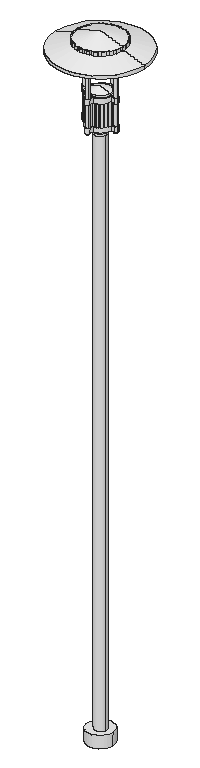
Revit family "BNS1", category Lighting Fixtures, Revit 2021 (continued)
Definition of nested family "Lighting_Fixture-Kim_Lighting-Post"
  Dimensions and locks (in)
    "Pole Radius": Masking region 5 sketch curve to plane 1 "Center (Front/Back)"
    "Pole Radius": plane 1 "Center (Front/Back)" to Masking region 5 sketch curve
    "Base Radius": plane 6 to plane 1 "Center (Front/Back)"
    "Base Radius": plane 1 "Center (Front/Back)" to plane 9
    "Base Radius": plane 7 to plane 3 "Center (Left/Right)"
    "Base Radius": plane 3 "Center (Left/Right)" to plane 8
    locked: plane 4 "Top" to Extrusion 3 at 1.00189
    "Cap Radius": Masking region 6 sketch curve to plane 3 "Center (Left/Right)"  (x2)
    "Base Radius": radius of Extrusion 1 sketch curve
    "Pole Radius": radius of Extrusion 2 sketch curve
    "Base Radius": radius of curve 2
    "Pole Radius": radius of curve 1
    "Base Radius": radius of Masking region 1 sketch curve
    "Cap Radius": radius of Extrusion 3 sketch curve
    aligned and locked: plane 1 "Center (Front/Back)" to Extrusion 1 sketch curve
    aligned and locked: plane 3 "Center (Left/Right)" to Extrusion 1 sketch curve
    aligned and locked: Extrusion 1 to level
    aligned and locked: plane 2 to Extrusion 1
    aligned and locked: plane 1 "Center (Front/Back)" to Extrusion 2 sketch curve
    aligned and locked: plane 3 "Center (Left/Right)" to Extrusion 2 sketch curve
    aligned and locked: plane 4 "Top" to Extrusion 2
    aligned and locked: plane 3 "Center (Left/Right)" to curve 1
    aligned and locked: plane 3 "Center (Left/Right)" to curve 2
    aligned and locked: plane 1 "Center (Front/Back)" to curve 2
    aligned and locked: plane 1 "Center (Front/Back)" to curve 1
    aligned and locked: plane 3 "Center (Left/Right)" to Masking region 1 sketch curve
    aligned and locked: plane 1 "Center (Front/Back)" to Masking region 1 sketch curve
    aligned and locked: Extrusion 2 to level
    aligned and locked: Masking region 2 sketch curve to level
    aligned and locked: plane 2 to Masking region 2 sketch curve  (x2)
    aligned and locked: plane 4 "Top" to Masking region 2 sketch curve
    aligned and locked: Masking region 2 to curve 3  (x2)
    aligned and locked: curve 3 to plane 2
    aligned and locked: plane 4 "Top" to Masking region 3 sketch curve
    aligned and locked: plane 2 to Masking region 3 sketch curve  (x2)
    aligned and locked: Masking region 3 sketch curve to level
    aligned and locked: Masking region 3 to curve 4
    aligned and locked: plane 5 to curve 4
    aligned and locked: curve 4 to plane 2
    aligned and locked: level to Masking region 4 sketch curve
    aligned and locked: Masking region 4 sketch curve to plane 4 "Top"
    aligned and locked: level to Masking region 5 sketch curve
    aligned and locked: Masking region 5 sketch curve to plane 4 "Top"
    aligned and locked: plane 7 to curve 5
    aligned and locked: plane 9 to curve 5
    aligned and locked: plane 6 to curve 8
    aligned and locked: curve 8 to plane 8
    aligned and locked: plane 4 "Top" to Extrusion 3
    aligned and locked: plane 4 "Top" to Masking region 6 sketch curve
    aligned and locked: Masking region 6 sketch curve to Extrusion 3
  Automatic sketch dimensions
    Extrusion 3 sketch curve to plane 1 "Center (Front/Back)" = 0"
    Extrusion 3 sketch curve to plane 3 "Center (Left/Right)" = 0"
Definition of nested family "Notation"
  Parameters
    Notation = "LF"
  Reference planes (in)
    plane 1: y = 0
    plane 2: x = 0
  Text (in)
    label "Notation" at (0.02149, 0.07192, 0), shows "Notation"
